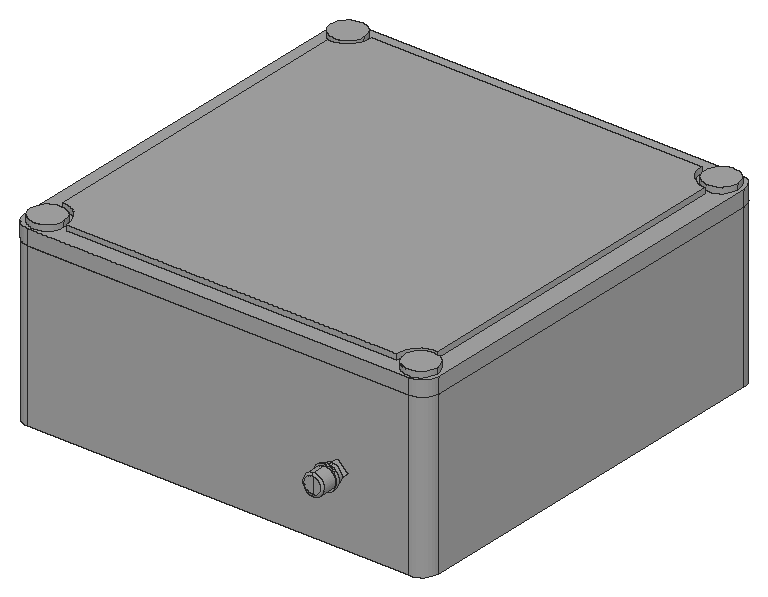
Revit family "2842_Intrinsically Safe Barrier Unit", category Fire Alarm Devices, host Face, Revit 2020
Family settings
  Host = Face
  Maintain Annotation Orientation = No
  Round Connector Dimension = Use Diameter
  Part Type = Normal
  OmniClass Number = 23.85.30.21
  OmniClass Title = Environmental Detection/Registration
  Cut with Voids When Loaded = No
  Shared = No
  Room Calculation Point = No
Parameters (values of type "2842")
  Zone Classification = "Non-Hazardous Area"  # constant formula
  Width (mm) = 300 mm  # constant formula
  Weight = "3100 g"  # constant formula
  Voltage Normal = "24 VDC"  # constant formula
  Voltage Allowed = "12-30 VDC"  # constant formula
  Version = "RVT20"  # constant formula
  Uniformat 2010 Description = "Detection and Alarm"  # constant formula
  Uniformat 2010  Code = "D7050"  # constant formula
  Uniclass 2015 Description = "Fire and smoke detector bases"  # constant formula
  Uniclass 2015 Code = "Pr_75_80_30_27 "  # constant formula
  URL = "https://www.panasonic-fire-security.com"
  Type Comments = "The intrinsically safe barrier 2842 unit is used to connect analog addressable IS detectors (2840 and 2841) to the COM loop. Up to 20 IS detectors can be connected on the IS COM line, which is a single line with no return cable and no end-of-line device."  # constant formula
  Tested and Approved = "EN54-18"  # constant formula
  Product Material = FR ABS and polycarbonate_Panasonic_Grey
  Omniclass Description = "Smoke Detectors"  # constant formula
  Omniclass Code = "23.85.30.21.11.11.11"  # constant formula
  Model = "2842"  # constant formula
  Min_Wire Size = "Ø 0.6 mm (0.3 mm²)"  # constant formula
  Max_Wire Size = "Ø 1.2 mm (1.13 mm²)"  # constant formula
  Manufacturer = "Panasonic"  # constant formula
  Ingress Protection Rating = "IP 66/67"  # constant formula
  IS COM line = "For example: FKAR-PG 2 x 0.5 mm², blue"  # constant formula
  Height (mm) = 300 mm  # constant formula
  Description = "Intrinsically safe barrier unit 2842"  # constant formula
  Depth (mm) = 132 mm  # constant formula
  Default Elevation = 0 mm
  Current Power Supply = "≤ 50 mA"  # constant formula
  Current COM Loop = "≤ 10 mA"  # constant formula
  Contact = ""
  CPR = "2831-CPR-F2577"  # constant formula
  Ambient Temperature Storage = "-25 to +70 °C"  # constant formula
  Ambient Temperature Operating = "-10 to +55 °C"  # constant formula
  Ambient Humidity = "Maximum 95 % RH "  # constant formula
  Address Range = "NA"  # constant formula
  ATEX Classification = "I (1) G [Ex ia Ga] IIC"  # constant formula
  ATEX Certificate = " DEKRA 11ATEX0106"  # constant formula
Reference planes
  plane 1 "Center (Front/Back)": y = 0
  plane 2: z = 0
  plane 3 "Center (Left/Right)": x = 0
  plane 4: x = -150
  plane 5: x = 150
  plane 6: y = 150
  plane 7: y = -150
  plane 8: y = 172.5
  plane 9: y = -172.5
  plane 10: z = 117
  plane 11: z = 128
  plane 12: z = 132
  plane 13: z = 50
  plane 14: y = 154.7
  plane 15: x = -85
  plane 16: x = -37
  plane 17: x = 38
  plane 18: x = 86
Forms (mm)
  Extrusion 1, solid, material "FR ABS and polycarbonate_Panasonic_Grey" <- "Product Material", not visible
    sketch origin (0, 0, 0) x (1, 0, 0) y (0, 0, 1)
      loop
        line (-30, 37.508) -> (-20, 37.508) -> (-20, 58.91) -> (-30, 37.508)
    from 0 to 2.5
  Extrusion 2, solid, material "FR ABS and polycarbonate_Panasonic_Grey" <- "Product Material"
    sketch origin (0, 0, 0) x (1, 0, 0) y (0, 1, 0)
      loop
        arc (-137.9, 150) -> (-146.456, 146.456) -> (-150, 137.9) r 12.1
        line (-150, 137.9) -> (-150, -137.9)
        arc (-150, -137.9) -> (-146.456, -146.456) -> (-137.9, -150) r 12.1
        line (-137.9, -150) -> (137.9, -150)
        arc (137.9, -150) -> (146.456, -146.456) -> (150, -137.9) r 12.1
        line (150, -137.9) -> (150, 137.9)
        arc (150, 137.9) -> (146.456, 146.456) -> (137.9, 150) r 12.1
        line (137.9, 150) -> (-137.9, 150)
    from 0 to 117
  Extrusion 3, solid, material "FR ABS and polycarbonate_Panasonic_Grey" <- "Product Material"
    sketch origin (0, 0, 0) x (1, 0, 0) y (0, 1, 0)
      loop
        line (-137.219, 120) -> (-137.219, -120)
        arc (-137.219, -120) -> (-124.558, -125.244) -> (-119.314, -137.905) r 17.905
        line (-119.314, -137.905) -> (119.314, -137.905)
        arc (119.314, -137.905) -> (124.156, -126.214) -> (135.847, -121.372) r 16.533
        line (135.847, -121.372) -> (135.847, 120)
        arc (135.847, 120) -> (124.063, 125.704) -> (119.314, 137.905) r 17.9
        line (119.314, 137.905) -> (-119.314, 137.905)
        arc (-119.314, 137.905) -> (-124.558, 125.244) -> (-137.219, 120) r 17.905
    from 128 to 132
  Extrusion 4, solid, material "FR ABS and polycarbonate_Panasonic_Grey" <- "Product Material"
    sketch origin (0, 0, 0) x (1, 0, 0) y (0, 1, 0)
      loop
        circle (-135.332, 136.018) r 12
      loop
        circle (135.332, 136.018) r 12
      loop
        circle (-135.332, -136.018) r 12
      loop
        circle (135.332, -136.018) r 12
    from 128 to 132
  Extrusion 5, solid, material "FR ABS and polycarbonate_Panasonic_Grey" <- "Product Material"
    sketch origin (0, 0, 0) x (1, 0, 0) y (0, 1, 0)
      loop
        line (-150, 137.9) -> (-150, -137.9)
        arc (-150, -137.9) -> (-146.456, -146.456) -> (-137.9, -150) r 12.1
        line (-137.9, -150) -> (137.9, -150)
        arc (137.9, -150) -> (146.456, -146.456) -> (150, -137.9) r 12.1
        line (150, -137.9) -> (150, 137.9)
        arc (150, 137.9) -> (146.456, 146.456) -> (137.9, 150) r 12.1
        line (137.9, 150) -> (-137.9, 150)
        arc (-137.9, 150) -> (-146.456, 146.456) -> (-150, 137.9) r 12.1
    from 117 to 128
  Revolve 6, solid, material "FR ABS and polycarbonate_Panasonic_Grey" <- "Product Material", not visible
    sketch origin (0, 0, 0) x (0, 1, 0) y (0, 0, 1)
      loop
        line (159.7, 50) -> (172.5, 50) -> (172.5, 56.139)
        arc (172.5, 56.139) -> (172.105, 57.092) -> (171.152, 57.486) r 1.348
        line (171.152, 57.486) -> (161.33, 57.486) -> (161.33, 58.789) -> (159.7, 58.789) -> (159.7, 50)
      axis (159.7, 50) -> (172.5, 50)
    angle from 0 to 360
  Revolve 7, solid, material "FR ABS and polycarbonate_Panasonic_Grey" <- "Product Material", not visible
    sketch origin (0, 0, 0) x (0, 1, 0) y (0, 0, 1)
      loop
        line (154.7, 50) -> (159.7, 50) -> (159.7, 56.956) -> (154.7, 56.956) -> (154.7, 50)
      axis (154.7, 50) -> (159.7, 50)
    angle from 0 to 360
  Extrusion 8, solid, material "FR ABS and polycarbonate_Panasonic_Grey", not visible
    sketch origin (0, 0, 0) x (1, 0, 0) y (0, 0, 1)
      loop
        line (7.5, 50) -> (0, 57.5) -> (-7.5, 50) -> (0, 42.5) -> (7.5, 50)
    from -154.7 to -150
  Revolve 9, solid, material "FR ABS and polycarbonate_Panasonic_Grey" <- "Product Material"
    sketch origin (-85, 0, 0) x (0, 1, 0) y (0, 0, 1)
      loop
        line (159.7, 50) -> (172.5, 50) -> (172.5, 56.139)
        arc (172.5, 56.139) -> (172.105, 57.092) -> (171.152, 57.486) r 1.348
        line (171.152, 57.486) -> (161.33, 57.486) -> (161.33, 58.789) -> (159.7, 58.789) -> (159.7, 50)
      axis (159.7, 50) -> (172.5, 50)
    angle from 0 to 360
  Revolve 10, solid, material "FR ABS and polycarbonate_Panasonic_Grey" <- "Product Material"
    sketch origin (-85, 0, 0) x (0, 1, 0) y (0, 0, 1)
      loop
        line (154.7, 50) -> (159.7, 50) -> (159.7, 56.956) -> (154.7, 56.956) -> (154.7, 50)
      axis (154.7, 50) -> (159.7, 50)
    angle from 0 to 360
  Extrusion 11, solid, material "FR ABS and polycarbonate_Panasonic_Grey"
    sketch origin (-85, 0, 0) x (1, 0, 0) y (0, 0, 1)
      loop
        line (7.5, 50) -> (0, 57.5) -> (-7.5, 50) -> (0, 42.5) -> (7.5, 50)
    from -154.7 to -150
  Revolve 12, solid, material "FR ABS and polycarbonate_Panasonic_Grey" <- "Product Material"
    sketch origin (-37, 0, 0) x (0, 1, 0) y (0, 0, 1)
      loop
        line (159.7, 50) -> (172.5, 50) -> (172.5, 56.139)
        arc (172.5, 56.139) -> (172.105, 57.092) -> (171.152, 57.486) r 1.348
        line (171.152, 57.486) -> (161.33, 57.486) -> (161.33, 58.789) -> (159.7, 58.789) -> (159.7, 50)
      axis (159.7, 50) -> (172.5, 50)
    angle from 0 to 360
  Revolve 13, solid, material "FR ABS and polycarbonate_Panasonic_Grey" <- "Product Material"
    sketch origin (-37, 0, 0) x (0, 1, 0) y (0, 0, 1)
      loop
        line (154.7, 50) -> (159.7, 50) -> (159.7, 56.956) -> (154.7, 56.956) -> (154.7, 50)
      axis (154.7, 50) -> (159.7, 50)
    angle from 0 to 360
  Extrusion 14, solid, material "FR ABS and polycarbonate_Panasonic_Grey"
    sketch origin (-37, 0, 0) x (1, 0, 0) y (0, 0, 1)
      loop
        line (7.5, 50) -> (0, 57.5) -> (-7.5, 50) -> (0, 42.5) -> (7.5, 50)
    from -154.7 to -150
  Revolve 15, solid, material "FR ABS and polycarbonate_Panasonic_Grey" <- "Product Material"
    sketch origin (38, 0, 0) x (0, 1, 0) y (0, 0, 1)
      loop
        line (159.7, 50) -> (172.5, 50) -> (172.5, 56.139)
        arc (172.5, 56.139) -> (172.105, 57.092) -> (171.152, 57.486) r 1.348
        line (171.152, 57.486) -> (161.33, 57.486) -> (161.33, 58.789) -> (159.7, 58.789) -> (159.7, 50)
      axis (159.7, 50) -> (172.5, 50)
    angle from 0 to 360
  Revolve 16, solid, material "FR ABS and polycarbonate_Panasonic_Grey" <- "Product Material"
    sketch origin (38, 0, 0) x (0, 1, 0) y (0, 0, 1)
      loop
        line (154.7, 50) -> (159.7, 50) -> (159.7, 56.956) -> (154.7, 56.956) -> (154.7, 50)
      axis (154.7, 50) -> (159.7, 50)
    angle from 0 to 360
  Extrusion 17, solid, material "FR ABS and polycarbonate_Panasonic_Grey"
    sketch origin (38, 0, 0) x (1, 0, 0) y (0, 0, 1)
      loop
        line (7.5, 50) -> (0, 57.5) -> (-7.5, 50) -> (0, 42.5) -> (7.5, 50)
    from -154.7 to -150
  Revolve 18, solid, material "FR ABS and polycarbonate_Panasonic_Grey" <- "Product Material"
    sketch origin (86, 0, 0) x (0, 1, 0) y (0, 0, 1)
      loop
        line (159.7, 50) -> (172.5, 50) -> (172.5, 56.139)
        arc (172.5, 56.139) -> (172.105, 57.092) -> (171.152, 57.486) r 1.348
        line (171.152, 57.486) -> (161.33, 57.486) -> (161.33, 58.789) -> (159.7, 58.789) -> (159.7, 50)
      axis (159.7, 50) -> (172.5, 50)
    angle from 0 to 360
  Revolve 19, solid, material "FR ABS and polycarbonate_Panasonic_Grey" <- "Product Material"
    sketch origin (86, 0, 0) x (0, 1, 0) y (0, 0, 1)
      loop
        line (154.7, 50) -> (159.7, 50) -> (159.7, 56.956) -> (154.7, 56.956) -> (154.7, 50)
      axis (154.7, 50) -> (159.7, 50)
    angle from 0 to 360
  Extrusion 20, solid, material "FR ABS and polycarbonate_Panasonic_Grey"
    sketch origin (86, 0, 0) x (1, 0, 0) y (0, 0, 1)
      loop
        line (7.5, 50) -> (0, 57.5) -> (-7.5, 50) -> (0, 42.5) -> (7.5, 50)
    from -154.7 to -150
  Revolve 21, solid, material "FR ABS and polycarbonate_Panasonic_Grey" <- "Product Material"
    sketch origin (86, 0, 0) x (0, -1, 0) y (0, 0, -1)
      loop
        line (159.7, -50) -> (159.7, -58.789) -> (161.33, -58.789) -> (161.33, -57.486) -> (171.152, -57.486)
        arc (171.152, -57.486) -> (172.105, -57.092) -> (172.5, -56.139) r 1.348
        line (172.5, -56.139) -> (172.5, -50) -> (159.7, -50)
      axis (159.7, -50) -> (172.5, -50)
    angle from 0 to 360
  Revolve 22, solid, material "FR ABS and polycarbonate_Panasonic_Grey" <- "Product Material"
    sketch origin (86, 0, 0) x (0, -1, 0) y (0, 0, -1)
      loop
        line (154.7, -50) -> (154.7, -56.956) -> (159.7, -56.956) -> (159.7, -50) -> (154.7, -50)
      axis (154.7, -50) -> (159.7, -50)
    angle from 0 to 360
  Extrusion 23, solid, material "FR ABS and polycarbonate_Panasonic_Grey"
    sketch origin (86, 0, 0) x (1, 0, 0) y (0, 0, -1)
      loop
        line (7.5, -50) -> (0, -42.5) -> (-7.5, -50) -> (0, -57.5) -> (7.5, -50)
    from -154.7 to -150
  Revolve 24, solid, material "FR ABS and polycarbonate_Panasonic_Grey" <- "Product Material", not visible
    sketch origin (181, 0, 0) x (0, -1, 0) y (0, 0, -1)
      loop
        line (159.7, -50) -> (159.7, -58.789) -> (161.33, -58.789) -> (161.33, -57.486) -> (171.152, -57.486)
        arc (171.152, -57.486) -> (172.105, -57.092) -> (172.5, -56.139) r 1.348
        line (172.5, -56.139) -> (172.5, -50) -> (159.7, -50)
      axis (159.7, -50) -> (172.5, -50)
    angle from 0 to 360
  Revolve 25, solid, material "FR ABS and polycarbonate_Panasonic_Grey" <- "Product Material", not visible
    sketch origin (181, 0, 0) x (0, -1, 0) y (0, 0, -1)
      loop
        line (154.7, -50) -> (154.7, -56.956) -> (159.7, -56.956) -> (159.7, -50) -> (154.7, -50)
      axis (154.7, -50) -> (159.7, -50)
    angle from 0 to 360
  Extrusion 26, solid, material "FR ABS and polycarbonate_Panasonic_Grey", not visible
    sketch origin (181, 0, 0) x (1, 0, 0) y (0, 0, -1)
      loop
        line (7.5, -50) -> (0, -42.5) -> (-7.5, -50) -> (0, -57.5) -> (7.5, -50)
    from -154.7 to -150
Dimensions and locks
  equal spacing: plane 4, plane 3 "Center (Left/Right)", plane 5
  equal spacing: plane 6, plane 1 "Center (Front/Back)", plane 7
  equal spacing: plane 8, plane 1 "Center (Front/Back)", plane 9
  "Width (mm)": plane 4 to plane 5
  "Height (mm)": plane 6 to plane 7
  plane 12 to plane 11 to plane 10 = 4 mm locked, 11 mm locked
  "Depth (mm)": plane 12 to host face
  aligned and locked: plane 2 to host face
  aligned and locked: level to host face
  aligned and locked: Extrusion 2 sketch curve to plane 6
  aligned and locked: plane 4 to Extrusion 2 sketch curve
  aligned and locked: Extrusion 2 sketch curve to plane 7
  aligned and locked: plane 5 to Extrusion 2 sketch curve
  aligned and locked: Extrusion 2 to host face
  aligned and locked: plane 10 to Extrusion 2
  aligned and locked: plane 12 to Extrusion 3
  aligned and locked: Extrusion 3 to plane 11
  aligned and locked: plane 12 to Extrusion 4
  aligned and locked: Extrusion 4 to plane 11
  aligned and locked: plane 6 to Extrusion 5 sketch curve
  aligned and locked: Extrusion 5 sketch curve to plane 5
  aligned and locked: plane 7 to Extrusion 5 sketch curve
  aligned and locked: Extrusion 5 sketch curve to plane 4
  aligned and locked: plane 11 to Extrusion 5
  aligned and locked: Extrusion 5 to Extrusion 2
Automatic sketch dimensions
  Revolve 6 sketch curve to Revolve 6 sketch curve = 1.303 mm
  Revolve 7 sketch curve to Revolve 7 sketch curve = 6.956 mm
  Revolve 6 sketch curve to Revolve 6 sketch curve = 1.63 mm
  Revolve 6 sketch curve to Revolve 6 sketch curve = 9.822 mm
  Revolve 6 sketch curve to Revolve 6 sketch curve = 1.348 mm
  Revolve 6 sketch curve to Revolve 6 sketch curve = 6.139 mm
  Revolve 6 sketch curve to Revolve 6 sketch curve = 2714.641 mm
  Revolve 6 sketch curve to Revolve 6 sketch curve = 1924.909 mm
  Revolve 6 sketch curve to Revolve 6 sketch curve = 0 mm
  Revolve 7 sketch curve to Revolve 7 sketch curve = 5 mm
  Revolve 7 sketch curve to Revolve 7 sketch curve = 2709.641 mm
  Revolve 7 sketch curve to Revolve 7 sketch curve = 1937.709 mm
  Revolve 7 sketch curve to Revolve 7 sketch curve = 0 mm
  Extrusion 8 sketch curve to Extrusion 8 sketch curve = 7.5 mm  (x3)
  Revolve 9 sketch curve to Revolve 9 sketch curve = 1.303 mm
  Revolve 10 sketch curve to Revolve 10 sketch curve = 6.956 mm
  Revolve 9 sketch curve to Revolve 9 sketch curve = 1.63 mm
  Revolve 9 sketch curve to Revolve 9 sketch curve = 9.822 mm
  Revolve 9 sketch curve to Revolve 9 sketch curve = 1.348 mm
  Revolve 9 sketch curve to Revolve 9 sketch curve = 6.139 mm
  Revolve 9 sketch curve to Revolve 9 sketch curve = 2714.641 mm
  Revolve 9 sketch curve to Revolve 9 sketch curve = 1924.909 mm
  Revolve 9 sketch curve to Revolve 9 sketch curve = 0 mm
  Revolve 10 sketch curve to Revolve 10 sketch curve = 5 mm
  Revolve 10 sketch curve to Revolve 10 sketch curve = 2709.641 mm
  Revolve 10 sketch curve to Revolve 10 sketch curve = 1937.709 mm
  Revolve 10 sketch curve to Revolve 10 sketch curve = 0 mm
  Extrusion 11 sketch curve to Extrusion 11 sketch curve = 7.5 mm  (x3)
  Revolve 12 sketch curve to Revolve 12 sketch curve = 1.303 mm
  Revolve 13 sketch curve to Revolve 13 sketch curve = 6.956 mm
  Revolve 12 sketch curve to Revolve 12 sketch curve = 1.63 mm
  Revolve 12 sketch curve to Revolve 12 sketch curve = 9.822 mm
  Revolve 12 sketch curve to Revolve 12 sketch curve = 1.348 mm
  Revolve 12 sketch curve to Revolve 12 sketch curve = 6.139 mm
  Revolve 12 sketch curve to Revolve 12 sketch curve = 2714.641 mm
  Revolve 12 sketch curve to Revolve 12 sketch curve = 1924.909 mm
  Revolve 12 sketch curve to Revolve 12 sketch curve = 0 mm
  Revolve 13 sketch curve to Revolve 13 sketch curve = 5 mm
  Revolve 13 sketch curve to Revolve 13 sketch curve = 2709.641 mm
  Revolve 13 sketch curve to Revolve 13 sketch curve = 1937.709 mm
  Revolve 13 sketch curve to Revolve 13 sketch curve = 0 mm
  Extrusion 14 sketch curve to Extrusion 14 sketch curve = 7.5 mm  (x3)
  Revolve 15 sketch curve to Revolve 15 sketch curve = 1.303 mm
  Revolve 16 sketch curve to Revolve 16 sketch curve = 6.956 mm
  Revolve 15 sketch curve to Revolve 15 sketch curve = 1.63 mm
  Revolve 15 sketch curve to Revolve 15 sketch curve = 9.822 mm
  Revolve 15 sketch curve to Revolve 15 sketch curve = 1.348 mm
  Revolve 15 sketch curve to Revolve 15 sketch curve = 6.139 mm
  Revolve 15 sketch curve to Revolve 15 sketch curve = 2714.641 mm
  Revolve 15 sketch curve to Revolve 15 sketch curve = 1924.909 mm
  Revolve 15 sketch curve to Revolve 15 sketch curve = 0 mm
  Revolve 16 sketch curve to Revolve 16 sketch curve = 5 mm
  Revolve 16 sketch curve to Revolve 16 sketch curve = 2709.641 mm
  Revolve 16 sketch curve to Revolve 16 sketch curve = 1937.709 mm
  Revolve 16 sketch curve to Revolve 16 sketch curve = 0 mm
  Extrusion 17 sketch curve to Extrusion 17 sketch curve = 7.5 mm  (x3)
  Revolve 18 sketch curve to Revolve 18 sketch curve = 1.303 mm
  Revolve 19 sketch curve to Revolve 19 sketch curve = 6.956 mm
  Revolve 18 sketch curve to Revolve 18 sketch curve = 1.63 mm
  Revolve 18 sketch curve to Revolve 18 sketch curve = 9.822 mm
  Revolve 18 sketch curve to Revolve 18 sketch curve = 1.348 mm
  Revolve 18 sketch curve to Revolve 18 sketch curve = 6.139 mm
  Revolve 18 sketch curve to Revolve 18 sketch curve = 2714.641 mm
  Revolve 18 sketch curve to Revolve 18 sketch curve = 1924.909 mm
  Revolve 18 sketch curve to Revolve 18 sketch curve = 0 mm
  Revolve 19 sketch curve to Revolve 19 sketch curve = 5 mm
  Revolve 19 sketch curve to Revolve 19 sketch curve = 2709.641 mm
  Revolve 19 sketch curve to Revolve 19 sketch curve = 1937.709 mm
  Revolve 19 sketch curve to Revolve 19 sketch curve = 0 mm
  Extrusion 20 sketch curve to Extrusion 20 sketch curve = 7.5 mm  (x3)
  host sketch curve to host sketch curve = 2438.4 mm  (x2)
  plane 4 to Extrusion 2 sketch curve = 12.1 mm
  Extrusion 2 sketch curve to Extrusion 2 sketch curve = 12.1 mm
  plane 5 to Extrusion 2 sketch curve = 12.1 mm  (x2)
  plane 4 to Extrusion 3 sketch curve = 12.781 mm
  Extrusion 3 sketch curve to Extrusion 3 sketch curve = 17.905 mm  (x3)
  Extrusion 3 sketch curve to plane 6 = 12.095 mm
  plane 5 to Extrusion 3 sketch curve = 30.686 mm  (x2)
  plane 5 to Extrusion 3 sketch curve = 14.153 mm
  plane 5 to Extrusion 3 sketch curve = 12.786 mm
  Extrusion 3 sketch curve to plane 7 = 30 mm
  plane 4 to Extrusion 4 sketch curve = 14.668 mm  (x2)
  plane 5 to Extrusion 4 sketch curve = 14.668 mm  (x2)
  Extrusion 4 sketch curve to plane 7 = 13.982 mm  (x2)
  Extrusion 4 sketch curve to plane 6 = 13.982 mm  (x2)
  plane 4 to Extrusion 5 sketch curve = 12.1 mm  (x2)
  plane 5 to Extrusion 5 sketch curve = 12.1 mm  (x2)
  Revolve 21 sketch curve to Revolve 21 sketch curve = 9.822 mm
  Revolve 21 sketch curve to Revolve 21 sketch curve = 1.63 mm
  Revolve 21 sketch curve to Revolve 21 sketch curve = 6.139 mm
  Revolve 21 sketch curve to Revolve 21 sketch curve = 1.303 mm
  Revolve 22 sketch curve to Revolve 22 sketch curve = 5 mm
  Revolve 22 sketch curve to Revolve 22 sketch curve = 6.956 mm
  Extrusion 23 sketch curve to Extrusion 23 sketch curve = 7.5 mm  (x3)
  Revolve 21 sketch curve to Revolve 21 sketch curve = 1.348 mm
  Revolve 21 sketch curve to Revolve 21 sketch curve = 2714.641 mm
  Revolve 21 sketch curve to Revolve 21 sketch curve = 1924.909 mm
  Revolve 21 sketch curve to Revolve 21 sketch curve = 0 mm
  Revolve 22 sketch curve to Revolve 22 sketch curve = 2709.641 mm
  Revolve 22 sketch curve to Revolve 22 sketch curve = 1937.709 mm
  Revolve 22 sketch curve to Revolve 22 sketch curve = 0 mm
  Revolve 24 sketch curve to Revolve 24 sketch curve = 9.822 mm
  Revolve 24 sketch curve to Revolve 24 sketch curve = 1.63 mm
  Revolve 24 sketch curve to Revolve 24 sketch curve = 6.139 mm
  Revolve 24 sketch curve to Revolve 24 sketch curve = 1.303 mm
  Revolve 25 sketch curve to Revolve 25 sketch curve = 5 mm
  Revolve 25 sketch curve to Revolve 25 sketch curve = 6.956 mm
  Extrusion 26 sketch curve to Extrusion 26 sketch curve = 7.5 mm  (x3)
  Revolve 24 sketch curve to Revolve 24 sketch curve = 1.348 mm
  Revolve 24 sketch curve to Revolve 24 sketch curve = 2714.641 mm
  Revolve 24 sketch curve to Revolve 24 sketch curve = 1924.909 mm
  Revolve 24 sketch curve to Revolve 24 sketch curve = 0 mm
  Revolve 25 sketch curve to Revolve 25 sketch curve = 2709.641 mm
  Revolve 25 sketch curve to Revolve 25 sketch curve = 1937.709 mm
  Revolve 25 sketch curve to Revolve 25 sketch curve = 0 mm
  radius of Extrusion 4 sketch curve = 12 mm  (x4)
Connectors
  electrical at (0, 0, 0)
    settings: index 1, voltage 0 V, apparent load 0 VA, apparent load phase1 0 VA, apparent load phase2 0 VA, apparent load phase3 0 VA, power factor 1, load classification "Other", number of poles 1, system type 11, power factor state 1, is connector primary yes, connector utility no, sub classification motor no, connector description ""
